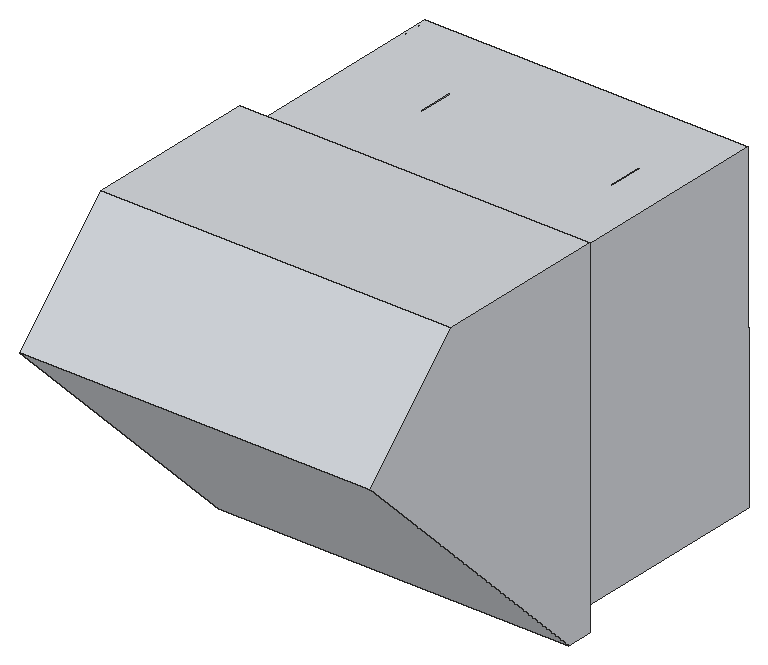
Revit family "EPD_SUPPLY", category Mechanical Equipment, Revit 2019
Family settings
  Round Connector Dimension = Use Diameter
  Part Type = Normal
  Work Plane-Based = No
  Always vertical = Yes
  Cut with Voids When Loaded = No
  Shared = No
  Room Calculation Point = No
Parameters (values of type "24_EPD_SUPPLY")
  WO_PAC = B_PAC + 0' 0 1/4"  # 3' - 1 1/4"
  WO = A + 0' 0 1/4"  # 3' - 0 7/16"
  WH_C = WH_B + 0' 3"  # 3' - 7"
  WH_B/2 = WH_B / 2  # 1' - 8"
  WH_B = 3' - 4"
  WH_A = 2' - 7 7/16"
  WEATHER_HOOD [instance] = yes
  Unit Weight [instance] = ""
  Sones [instance] = ""
  Motor RPM [instance] = ""
  Motor Enclosure [instance] = ""
  ModelID [instance] = ""
  LwA [instance] = ""
  Fan RPM [instance] = ""
  D_PAC/2 = 0' - 8 1/4"
  D_PAC = 2' - 0 1/2"
  D/2 = D / 2  # 1' - 3"
  D = 2' - 6"
  E/2 = E / 2  # 0' - 1 1/2"
  E = 0' - 3"  # constant formula
  C_PAC/2 = C_PAC / 2  # 1' - 4 3/4"
  C_PAC = 2' - 9 1/2"
  C/2 = C / 2  # 0' - 3 1/2"
  C = 0' - 7"
  B_PAC/2 = B_PAC / 2  # 1' - 6 1/2"
  B_PAC = 3' - 1"
  B/2 = B / 2  # 0' - 7 5/16"
  B = 1' - 2 5/8"
  Accessories [instance] = ""
  A_PAC/2 = A_PAC / 2  # 1' - 7 3/4"
  A_PAC = 3' - 3 1/2"
  A/7 = A / 7  # 0' - 5.16964"
  A/3.5 = A / 3.5  # 0' - 10.33929"
  A/2 = A / 2  # 1' - 6 3/32"
  A = 3' - 0 3/16"
  90 = 90.00°  # constant formula
  9" = 0' - 9"  # constant formula
  3" = 0' - 3"  # constant formula
  Brake Hp [instance] = ""
  4" = 0' - 4"  # constant formula
  2' = 2' - 0"
  2" = 0' - 2"  # constant formula
  135 = 135.00°  # constant formula
  1" = 0' - 1"  # constant formula
  0 = 0' - 0"  # constant formula
  Voltage [instance] = 0 V
  URL = "www.lorencook.com"
  Type Comments = "Packaged Wall Supply Fan Extruded Aluminum Propeller Direct Drive"  # constant formula
  Static Pressure [instance] = 0.00 in-wg
  Power [instance] = Voltage * Motor FLA * sqrt(if(Phase = 3, 3, 1))  # 0 VA
  Phase [instance] = 0
  Number of Poles [instance] = 1
  Motor Hp [instance] = "0"
  Motor FLA [instance] = 0 A
  Model = "EPD_SUPPLY"  # constant formula
  Manufacturer = "Loren Cook Company"
  CFM [instance] = 0 CFM
  1.5 = 0' - 1 1/2"  # constant formula
  HALF = 0' - 0 1/2"  # constant formula
  ONE EIGTH = 0' - 0 1/8"  # constant formula
  -WH_B/2 = -WH_B / 2  # -1' - 8"
  -D_PAC/2 = -1' - 4 1/4"
  -D = -E  # -0' - 3"
  -C/2 = -C / 2  # -0' - 3 1/2"
  -B+1" = -B + 0' 1"  # -1' - 1 5/8"
  -B = -B  # -1' - 2 5/8"
  -((SIZE/2)-.25") = -0' - 11 3/4"
  -((A/2)-C-.5") = -((A / 2) - C - 0' 0 1/2")  # -0' - 10 19/32"
  (SIZE/2)-.25" = 0' - 11 3/4"
  (D_SUP/2)-(C/2)-.125" = (D / 2) - (C / 2) - 0' 0 1/8"  # 0' - 11 3/8"
  (A/2)-C-.5" = (A / 2) - C - 0' 0 1/2"  # 0' - 10 19/32"
  (A/2)-1" = (A / 2) - 0' 0 1/4"  # 1' - 5 27/32"
Types (7): name | WO_PAC | WO | WH_C | WH_B/2 | WH_B | WH_A | D_PAC/2 | D_PAC | D/2 | D | C_PAC/2 | C_PAC | C/2 | C | B_PAC/2 | B_PAC | B/2 | B | A_PAC/2 | A_PAC | A/7 | A/3.5 | A/2 | A | -WH_B/2 | -D_PAC/2 | -C/2 | -B+1" | -B | -((SIZE/2)-.25") | -((A/2)-C-.5") | (SIZE/2)-.25" | (D_SUP/2)-(C/2)-.125" | (A/2)-C-.5" | (A/2)-1"
  (no name) | 3' - 1 1/4" | 3' - 0 7/16" | 3' - 7" | 1' - 8" | 3' - 4" | 2' - 7 7/16" | 0' - 8 1/4" | 2' - 0 1/2" | 1' - 3" | 2' - 6" | 1' - 4 3/4" | 2' - 9 1/2" | 0' - 3 1/2" | 0' - 7" | 1' - 6 1/2" | 3' - 1" | 0' - 7 5/16" | 1' - 2 5/8" | 1' - 7 3/4" | 3' - 3 1/2" | 0' - 5.16964" | 0' - 10.33929" | 1' - 6 3/32" | 3' - 0 3/16" | -1' - 8" | -1' - 4 1/4" | -0' - 3 1/2" | -1' - 1 5/8" | -1' - 2 5/8" | -0' - 11 3/4" | -0' - 10 19/32" | 0' - 11 3/4" | 0' - 11 3/8" | 0' - 10 19/32" | 1' - 5 27/32"
  24_EPD_SUPPLY | 3' - 1 1/4" | 3' - 0 7/16" | 3' - 7" | 1' - 8" | 3' - 4" | 2' - 7 7/16" | 0' - 8 1/4" | 2' - 0 1/2" | 1' - 3" | 2' - 6" | 1' - 4 3/4" | 2' - 9 1/2" | 0' - 3 1/2" | 0' - 7" | 1' - 6 1/2" | 3' - 1" | 0' - 7 5/16" | 1' - 2 5/8" | 1' - 7 3/4" | 3' - 3 1/2" | 0' - 5.16964" | 0' - 10.33929" | 1' - 6 3/32" | 3' - 0 3/16" | -1' - 8" | -1' - 4 1/4" | -0' - 3 1/2" | -1' - 1 5/8" | -1' - 2 5/8" | -0' - 11 3/4" | -0' - 10 19/32" | 0' - 11 3/4" | 0' - 11 3/8" | 0' - 10 19/32" | 1' - 5 27/32"
  30_EPD_SUPPLY | 3' - 7 1/4" | 3' - 6 7/16" | 4' - 1" | 1' - 11" | 3' - 10" | 2' - 11 11/16" | 0' - 10 1/4" | 2' - 4 1/2" | 1' - 6" | 3' - 0" | 1' - 7 3/4" | 3' - 3 1/2" | 0' - 3 13/32" | 0' - 6 13/16" | 1' - 9 1/2" | 3' - 7" | 0' - 7 5/16" | 1' - 2 5/8" | 1' - 10 3/4" | 3' - 9 1/2" | 0' - 6.02679" | 1' - 0.05357" | 1' - 9 3/32" | 3' - 6 3/16" | -1' - 11" | -1' - 6 1/4" | -0' - 3 13/32" | -1' - 1 5/8" | -1' - 2 5/8" | -1' - 2 3/4" | -1' - 1 25/32" | 1' - 2 3/4" | 1' - 2 15/32" | 1' - 1 25/32" | 1' - 8 27/32"
  36_EPD_SUPPLY | 4' - 1 5/16" | 4' - 0 7/16" | 4' - 7" | 2' - 2" | 4' - 4" | 3' - 3 15/16" | 0' - 11" | 2' - 10" | 1' - 9" | 3' - 6" | 1' - 10 3/4" | 3' - 9 1/2" | 0' - 3 5/8" | 0' - 7 1/4" | 2' - 0 17/32" | 4' - 1 1/16" | 0' - 11" | 1' - 10" | 2' - 1 3/4" | 4' - 3 1/2" | 0' - 6.88393" | 1' - 1.76786" | 2' - 0 3/32" | 4' - 0 3/16" | -2' - 2" | -1' - 11" | -0' - 3 5/8" | -1' - 9" | -1' - 10" | -1' - 5 3/4" | -1' - 4 11/32" | 1' - 5 3/4" | 1' - 5 1/4" | 1' - 4 11/32" | 1' - 11 27/32"
  42_EPD_SUPPLY | 4' - 7 5/16" | 4' - 6 7/16" | 5' - 1" | 2' - 5" | 4' - 10" | 3' - 8 3/16" | 1' - 4" | 3' - 4" | 2' - 0" | 4' - 0" | 2' - 1 3/4" | 4' - 3 1/2" | 0' - 3 13/16" | 0' - 7 5/8" | 2' - 3 17/32" | 4' - 7 1/16" | 1' - 0" | 2' - 0" | 2' - 4 3/4" | 4' - 9 1/2" | 0' - 7.74107" | 1' - 3.48214" | 2' - 3 3/32" | 4' - 6 3/16" | -2' - 5" | -2' - 0" | -0' - 3 13/16" | -1' - 11" | -2' - 0" | -1' - 8 3/4" | -1' - 6 31/32" | 1' - 8 3/4" | 1' - 8 1/16" | 1' - 6 31/32" | 2' - 2 27/32"
  48_EPD_SUPPLY | 5' - 1 3/8" | 5' - 0 7/16" | 5' - 7" | 2' - 8" | 5' - 4" | 4' - 0 7/16" | 1' - 4 1/4" | 3' - 4 1/2" | 2' - 3" | 4' - 6" | 2' - 4 3/4" | 4' - 9 1/2" | 0' - 3 7/8" | 0' - 7 3/4" | 2' - 6 9/16" | 5' - 1 1/8" | 1' - 0" | 2' - 0" | 2' - 7 3/4" | 5' - 3 1/2" | 0' - 8.59821" | 1' - 5.19643" | 2' - 6 3/32" | 5' - 0 3/16" | -2' - 8" | -2' - 0 1/4" | -0' - 3 7/8" | -1' - 11" | -2' - 0" | -1' - 11 3/4" | -1' - 9 27/32" | 1' - 11 3/4" | 1' - 11" | 1' - 9 27/32" | 2' - 5 27/32"
  54_EPD_SUPPLY | 5' - 7 3/8" | 5' - 6 7/16" | 6' - 1" | 2' - 11" | 5' - 10" | 4' - 4 5/8" | 1' - 4 1/2" | 3' - 9" | 2' - 6" | 5' - 0" | 2' - 7 3/4" | 5' - 3 1/2" | 0' - 3 27/32" | 0' - 7 11/16" | 2' - 9 9/16" | 5' - 7 1/8" | 1' - 1 7/8" | 2' - 3 3/4" | 2' - 10 3/4" | 5' - 9 1/2" | 0' - 9.45536" | 1' - 6.91071" | 2' - 9 3/32" | 5' - 6 3/16" | -2' - 11" | -2' - 4 1/2" | -0' - 3 27/32" | -2' - 2 3/4" | -2' - 3 3/4" | -1' - 11 3/4" | -2' - 0 29/32" | 1' - 11 3/4" | 2' - 2 1/32" | 2' - 0 29/32" | 2' - 8 27/32"
Reference planes (in)
  plane 1 "Center (Front/Back)": y = 0
  plane 2: z = 0
  plane 3 "Center (Left/Right)": x = 0.40541
Forms (in)
  Revolve 1, solid
    sketch origin (0.40541, 0, 0) x (0, 1, 0) y (0, 0, 1)
      loop
        line (-4.5, 3.5) -> (-4.5, 0) -> (-3.5, 0) -> (-3.5, 3.5) -> (-4.5, 3.5)
      axis (-4.5, 0) -> (-3.5, 0)
    angle from 0 to 360
  Extrusion 2, solid
    sketch origin (0.40541, 0, 0) x (0, 1, 0) y (0, 0, 1)
      loop
        line (0, -3.5) -> (-7, 3.5) -> (-7.08839, 3.41161) -> (-0.08839, -3.58839) -> (0, -3.5)
    from 30 to 3.5 <- "C/2"
  Extrusion 3, solid
    sketch origin (0.40541, 0, 0) x (0, 1, 0) y (-1, 0, 0)
      loop
        line (0, -3.5) -> (-7, 3.5) -> (-7.08839, 3.41161) -> (-0.08839, -3.58839) -> (0, -3.5)
    from 30 to 3.5 <- "C/2"
  Extrusion 4, solid
    sketch origin (0.40541, 0, 0) x (0, 1, 0) y (0, 0, -1)
      loop
        line (0, -3.5) -> (-7, 3.5) -> (-7.08839, 3.41161) -> (-0.08839, -3.58839) -> (0, -3.5)
    from 30 to 3.5 <- "C/2"
  Extrusion 5, solid
    sketch origin (0.40541, 0, 0) x (1, 0, 0) y (0, 1, 0)
      loop
        line (-3.5, 0) -> (-3.58839, -0.08839) -> (3.41161, -7.08839) -> (3.5, -7) -> (-3.5, 0)
    from -30 to -3.5 <- "-C/2"
  Extrusion 6, void
    sketch origin (0, 0, 0) x (1, 0, 0) y (0, 0, 1)
      loop
        circle (0.40541, 0) r 11.375
      loop
        circle (0.40541, 0) r 40
    from 0 to 9 <- "9""
  Extrusion 7, solid
    sketch origin (0, 0, 0) x (1, 0, 0) y (0, 0, 1)
      loop
        line (-17.68834, 18.09375) -> (-17.68834, -18.09375) -> (18.49916, -18.09375) -> (18.49916, 18.09375) -> (-17.68834, 18.09375)
      loop
        circle (0.40541, 0) r 15
    from 0 to -0.125
  Extrusion 8, solid
    sketch origin (0, 0, 0) x (1, 0, 0) y (0, 0, 1)
      loop
        line (-17.68834, 18.09375) -> (-17.68834, -18.09375) -> (18.49916, -18.09375) -> (18.49916, 18.09375) -> (-17.68834, 18.09375)
      loop
        line (18.37416, -17.96875) -> (18.37416, 17.96875) -> (-17.56334, 17.96875) -> (-17.56334, -17.96875) -> (18.37416, -17.96875)
    from 0 to -3 <- "-D"
  Extrusion 9, solid
    sketch origin (0, 0, 0) x (1, 0, 0) y (0, 0, 1)
      loop
        circle (0.40541, 0) r 5.16964
    from 0 to -13.625 <- "-B+1""
  Extrusion 10, solid
    sketch origin (0, 0, 0) x (1, 0, 0) y (0, 0, 1)
      loop
        line (-9.93387, -5.16964) -> (-9.93387, -6.66964) -> (10.7447, -6.66964) -> (10.7447, -5.16964) -> (-9.93387, -5.16964)
    from 0 to -14.625 <- "-B"
  Sweep 11, solid
    path origin (0.40541, 0, 0) x (0, 1, 0) y (0, 0, 1)
      loop
        line (0.125, 16.96875) -> (9.625, 16.96875)
        arc (9.625, 16.96875) -> (11.74632, 16.09007) -> (12.625, 13.96875) r 3
        line (12.625, 13.96875) -> (12.625, -13.96875)
        arc (12.625, -13.96875) -> (11.74632, -16.09007) -> (9.625, -16.96875) r 3
        line (9.625, -16.96875) -> (0.125, -16.96875)
    profile origin (0.40541, 4.875, 16.96875) x (0, 0, 1) y (1, 0, 0)
      loop
        circle (0, -10.83929) r 0.5
      loop
        circle (0, 10.83929) r 0.5
  Revolve 12, solid
    sketch origin (0.40541, 0, 0) x (0, 1, 0) y (0, 0, 1)
      loop
        arc (-0.125, 15) -> (-3.625, 11.5) -> (-7.125, 15) r 3.5
        line (-7.125, 15) -> (-7.25, 15)
        arc (-7.25, 15) -> (-3.625, 11.375) -> (0, 15) r 3.625
        line (0, 15) -> (-0.125, 15)
      axis (-7.25, 0) -> (0, 0)
    angle from 0 to 360
  Extrusion 13, solid
    sketch origin (0, 0, 0) x (1, 0, 0) y (0, 0, 1)
      loop
        line (-17.96959, 18.375) -> (-17.96959, -18.375) -> (18.78041, -18.375) -> (18.78041, 18.375) -> (-17.96959, 18.375)
      loop
        line (18.90541, -18.5) -> (18.90541, 18.5) -> (-18.09459, 18.5) -> (-18.09459, -18.5) -> (18.90541, -18.5)
    from -16.25 <- "-D_PAC/2" to 8.25 <- "D_PAC/2"
  Extrusion 14, solid
    sketch origin (0, -8.25, 0) x (1, 0, 0) y (0, 0, 1)
      loop
        line (-16.34459, 16.75) -> (-16.34459, -16.75) -> (17.15541, -16.75) -> (17.15541, 16.75) -> (-16.34459, 16.75)
      loop
        line (20.15541, -19.75) -> (20.15541, 19.75) -> (-19.34459, 19.75) -> (-19.34459, -19.75) -> (20.15541, -19.75)
    from 0 to 0.125
  Extrusion 15, solid
    sketch origin (0, -8.375, 0) x (1, 0, 0) y (0, 0, 1)
      loop
        line (-14.34459, 14.75) -> (-14.34459, -14.75) -> (15.15541, -14.75) -> (15.15541, 14.75) -> (-14.34459, 14.75)
      loop
        line (17.15541, -16.75) -> (17.15541, 16.75) -> (-16.34459, 16.75) -> (-16.34459, -16.75) -> (17.15541, -16.75)
    from 0 to 2
  Extrusion 16, solid, visible <- "WEATHER_HOOD"
    sketch origin (0.40541, 0, 0) x (0, 1, 0) y (0, 0, 1)
      loop
        line (-8.375, 20) -> (-28.25, 20) -> (-39.8125, 8.4375) -> (-11.375, -20) -> (-8.375, -20) -> (-8.375, 20)
    from 20 <- "WH_B/2" to -20 <- "-WH_B/2"
Cuts and joins
  Extrusion 6 cuts Revolve 1
  Extrusion 6 cuts Extrusion 2
  Extrusion 6 cuts Extrusion 3
  Extrusion 6 cuts Extrusion 4
  Extrusion 6 cuts Extrusion 5
Dimensions and locks (in)
  "0": Revolve 1 sketch curve to level  (x2)
  "C/2": Revolve 1 sketch curve to level
  "C/2": plane 1 "Center (Front/Back)" to Revolve 1 sketch curve
  "1"": Revolve 1 sketch curve to Revolve 1 sketch curve
  "0": Extrusion 2 sketch curve to plane 1 "Center (Front/Back)"
  "C": plane 1 "Center (Front/Back)" to Extrusion 2 sketch curve
  "C/2": Extrusion 2 sketch curve to level
  "C/2": level to Extrusion 2 sketch curve
  "ONE EIGTH": Extrusion 2 sketch curve to Extrusion 2 sketch curve
  "ONE EIGTH": Extrusion 3 sketch curve to Extrusion 3 sketch curve
  "ONE EIGTH": Extrusion 4 sketch curve to Extrusion 4 sketch curve
  "ONE EIGTH": Extrusion 5 sketch curve to Extrusion 5 sketch curve
  Extrusion 6 sketch curve to plane 3 "Center (Left/Right)" = 0' - 0"  (x2)
  level to Extrusion 6 sketch curve = 0' - 0"
  Extrusion 6 sketch curve to level = 0' - 0"
  "0": Extrusion 3 sketch curve to plane 1 "Center (Front/Back)"
  "C": Extrusion 3 sketch curve to plane 1 "Center (Front/Back)"
  "C/2": plane 3 "Center (Left/Right)" to Extrusion 3 sketch curve
  "C/2": Extrusion 3 sketch curve to plane 3 "Center (Left/Right)"
  "C": plane 1 "Center (Front/Back)" to Extrusion 4 sketch curve
  "0": Extrusion 4 sketch curve to plane 1 "Center (Front/Back)"
  "C/2": level to Extrusion 4 sketch curve
  "C/2": Extrusion 4 sketch curve to level
  "0": Extrusion 5 sketch curve to plane 1 "Center (Front/Back)"
  "C": Extrusion 5 sketch curve to plane 1 "Center (Front/Back)"
  "C/2": plane 3 "Center (Left/Right)" to Extrusion 5 sketch curve
  "C/2": Extrusion 5 sketch curve to plane 3 "Center (Left/Right)"
  "A/2": plane 3 "Center (Left/Right)" to Extrusion 7 sketch curve
  "A/2": Extrusion 7 sketch curve to plane 3 "Center (Left/Right)"
  "A/2": Extrusion 7 sketch curve to level
  "A/2": level to Extrusion 7 sketch curve
  "0": Extrusion 7 sketch curve to level
  "0": Extrusion 7 sketch curve to plane 3 "Center (Left/Right)"
  "ONE EIGTH": Extrusion 8 sketch curve to Extrusion 8 sketch curve  (x4)
  "A/2": plane 3 "Center (Left/Right)" to Extrusion 8 sketch curve  (x2)
  "A/2": level to Extrusion 8 sketch curve
  "A/2": Extrusion 8 sketch curve to level
  "0": Extrusion 9 sketch curve to level
  "0": Extrusion 9 sketch curve to plane 3 "Center (Left/Right)"
  "A/7": level to Extrusion 10 sketch curve
  "1.5": Extrusion 10 sketch curve to Extrusion 10 sketch curve
  "A/3.5": Extrusion 10 sketch curve to plane 3 "Center (Left/Right)"
  "A/3.5": plane 3 "Center (Left/Right)" to Extrusion 10 sketch curve
  "1"": Extrusion 9 to Sweep 11 sketch curve
  "ONE EIGTH": Sweep 11 sketch curve to plane 1 "Center (Front/Back)"  (x2)
  "1"": Extrusion 8 to Sweep 11 sketch curve  (x2)
  "0": Sweep 11 sketch curve to profile plane  (x2)
  "HALF": Sweep 11 sketch curve to Extrusion 10  (x2)
  "0": Revolve 12 sketch curve to level
  "D/2": Revolve 12 sketch curve to level  (x2)
  "C": Revolve 12 sketch curve to Revolve 12 sketch curve
  "ONE EIGTH": plane 1 "Center (Front/Back)" to Revolve 12 sketch curve
  "ONE EIGTH": Revolve 12 sketch curve to Revolve 12 sketch curve  (x2)
  "0": Revolve 12 sketch curve to Revolve 12 sketch curve
  "ONE EIGTH": Extrusion 13 sketch curve to Extrusion 13 sketch curve  (x4)
  "B_PAC/2": Extrusion 13 sketch curve to level
  "B_PAC/2": level to Extrusion 13 sketch curve
  "B_PAC/2": plane 3 "Center (Left/Right)" to Extrusion 13 sketch curve  (x2)
  "A_PAC/2": plane 3 "Center (Left/Right)" to Extrusion 14 sketch curve
  "C_PAC/2": plane 3 "Center (Left/Right)" to Extrusion 14 sketch curve
  "C_PAC/2": Extrusion 14 sketch curve to plane 3 "Center (Left/Right)"
  "A_PAC/2": Extrusion 14 sketch curve to plane 3 "Center (Left/Right)"
  "A_PAC/2": Extrusion 14 sketch curve to level
  "C_PAC/2": Extrusion 14 sketch curve to level
  "C_PAC/2": level to Extrusion 14 sketch curve
  "A_PAC/2": level to Extrusion 14 sketch curve
  "2"": Extrusion 15 sketch curve to Extrusion 15 sketch curve  (x4)
  "C_PAC/2": plane 3 "Center (Left/Right)" to Extrusion 15 sketch curve
  "C_PAC/2": Extrusion 15 sketch curve to plane 3 "Center (Left/Right)"
  "C_PAC/2": Extrusion 15 sketch curve to level
  "C_PAC/2": level to Extrusion 15 sketch curve
  "0": Extrusion 14 to Extrusion 16 sketch curve
  "WH_B/2": Extrusion 16 sketch curve to level
  "WH_B/2": level to Extrusion 16 sketch curve
  "3"": Extrusion 16 sketch curve to Extrusion 16 sketch curve
  "WH_A": Extrusion 16 sketch curve to Extrusion 16 sketch curve
  "(D_SUP/2)-(C/2)-.125"": radius of Extrusion 6 sketch curve
  "D/2": radius of Extrusion 7 sketch curve
  "A/7": radius of Extrusion 9 sketch curve
  "3"": radius of Sweep 11 sketch curve  (x2)
  "HALF": radius of Sweep 11 sketch curve  (x2)
  "135": angle Extrusion 16 sketch curve to Extrusion 16 sketch curve
  "90": angle Extrusion 16 sketch curve to Extrusion 16 sketch curve
Automatic sketch dimensions
  Revolve 1 sketch curve to plane 1 "Center (Front/Back)" = 0' - 0"
  Revolve 1 sketch curve to Revolve 1 sketch curve = 2' - 2"
  plane 1 "Center (Front/Back)" to Revolve 12 sketch curve = 0' - 3 1/4"
  Revolve 12 sketch curve to Revolve 12 sketch curve = 0' - 1.44822"
  radius of Extrusion 6 sketch curve = 3' - 4"
Connectors (in)
  electrical at (0.40541, 13.625, 0)
    settings: on Extrusion 9, index 2, voltage 0 V, apparent load 0 VA, apparent load phase1 0 VA, apparent load phase2 0 VA, apparent load phase3 0 VA, power factor 1, load classification "Other", number of poles 1, system type 30, power factor state 1, is connector primary yes, connector utility no, sub classification motor no, connector description ""
  hvac at (0.40541, -10.375, 0), driven by "CFM", driven by "WO", driven by "WO"
    settings: on Extrusion 15, index 3, duct flow 0 CFM, flow factor 0, pres drop 0.00 in-wg, loss coef 0, conn angle 0.00°, conn width 36 7/16", conn height 36 7/16", conn diameter 24", duct sys type 1, conn prof type 1, flow config 0, flow direction 1, loss method 0, conn ref index -1, conn util no, is conn primary yes, conn desc ""
  hvac at (0.40541, 16.25, 0), driven by "CFM", driven by "WO", driven by "WO"
    settings: on Extrusion 13, index 4, duct flow 0 CFM, flow factor 0, pres drop 0.00 in-wg, loss coef 0, conn angle 0.00°, conn width 36 7/16", conn height 36 7/16", conn diameter 24", duct sys type 1, conn prof type 1, flow config 0, flow direction 2, loss method 0, conn ref index -1, conn util no, is conn primary no, conn desc ""
